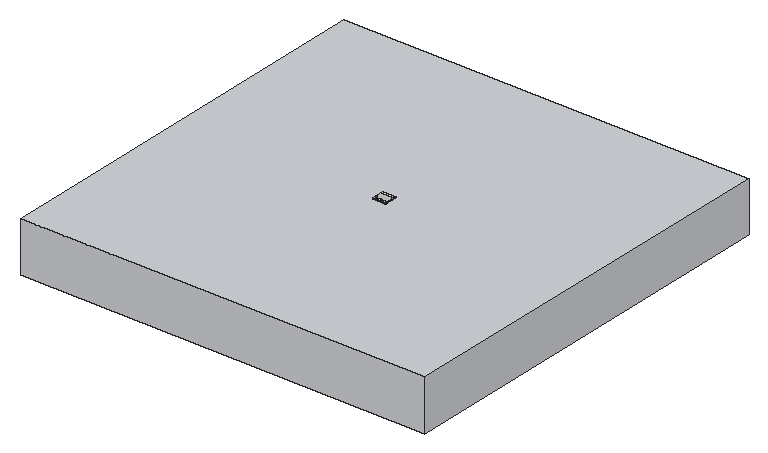
Revit family "TERRA LED", category Oprawy oświetleniowe, Revit 2014
Parameters (values of type "TERRA LED WW")
  built-in parameter 1150105 = 153.49 (stored number, unit not read)
  Dimming Lamp Color Temperature Shift = (empty or 0)
  built-in parameter 1150139 = (empty or 0)
  Współczynnik mocy = 1
  Waga = 0.084 kg  # constant formula
  built-in parameter 1150133 = 10 (stored number, unit not read)
  built-in parameter 1150109 = 1 (stored number, unit not read)
  built-in parameter 1114218 = 1 (stored number, unit not read)
  built-in parameter 1150110 = 1 (stored number, unit not read)
  built-in parameter 1150112 = 1 (stored number, unit not read)
  built-in parameter 1150113 = 1 (stored number, unit not read)
  URL = "www.kanlux.pl"
  Lumens = 13 lm
  built-in parameter 1150104 = 1.5097 (stored number, unit not read)
  Producent = "Kanlux"  # constant formula
  built-in parameter 1150107 = 3000 (stored number, unit not read)
  Plik sieci fotometrycznej = "TERRA LED.ies"
  Tilt Angle = 180.00°  # constant formula
  built-in parameter 1150115 = 1 (stored number, unit not read)
  Apparent Load = Moc / Współczynnik mocy  # 0.8 VA
  built-in parameter 1150106 = 1.5349 (stored number, unit not read)
  Model = "TERRA LED"  # constant formula
  Moc w watach - komentarze = "0.8"
  Wattage = 0.8 W
  Moc = 0.8 W
  built-in parameter 1150137 = (empty or 0)
  built-in parameter 1150132 = 2
  Materiał obudowa 2 = Kanlux - stal nierdzewna szczotkowana
  Materiał obudowa = Kanlux - tworzywo sztuczne
  Lampa = "LED"
  built-in parameter 1150134 = (empty or 0)
  built-in parameter 1150138 = (empty or 0)
  Kod = "23102"
  Klasyfikacja obciążenia = Oświetlenie
  built-in parameter 1150102 = (empty or 0)
  IP = "IP20"  # constant formula
  Color Filter = 16777215
  Default Elevation = 0 mm
  built-in parameter 1150114 = 1 (stored number, unit not read)
  built-in parameter 1114217 = 1 (stored number, unit not read)
  built-in parameter 1150142 = "IESNA91\r\n[TEST] 2015.08.27/Kanlux TERRA\r\n[MANUFAC]  KANLUX S.A.\r\n[LUMCAT] (kat 23104)\r\n[LUMINAIRE] TERRA LED\r\n[LAMP] 1x(TERRA LED CW 1W 15lm zimnobiała/6500K) or 1x(TERRA LED WW 1W 13lm ciepłobiała/3000K)\r\nTILT=NONE\r\n1 15 0.015 181 7 1 2 0.075 0.075 0.006\r\n1 1 1\r\n0 1 2 3 4 5 6 7 8 9 10 11 12 13 14 15 16 17 18 19 20 21 22 \r\n23 24 25 26 27 28 29 30 31 32 33 34 35 36 37 38 39 40 41 42 \r\n43 44 45 46 47 48 49 50 51 52 53 54 55 56 57 58 59 60 61 62 \r\n63 64 65 66 67 68 69 70 71 72 73 74 75 76 77 78 79 80 81 82 \r\n83 84 85 86 87 88 89 90 91 92 93 94 95 96 97 98 99 100 101 \r\n102 103 104 105 106 107 108 109 110 111 112 113 114 115 116 \r\n117 118 119 120 121 122 123 124 125 126 127 128 129 130 131 \r\n132 133 134 135 136 137 138 139 140 141 142 143 144 145 146 \r\n147 148 149 150 151 152 153 154 155 156 157 158 159 160 161 \r\n162 163 164 165 166 167 168 169 170 171 172 173 174 175 176 \r\n177 178 179 180 \r\n0 15 30 45 60 75 90 \r\n75.9 76.7 76.7 77.6 78.8 79.7 80.9 80.9 83 83.8 85.5 85.9 \r\n88 89.3 90.9 92.6 93.8 95.5 97.2 98.8 100.5 102.2 104.3 \r\n106.4 108.4 110.1 112.6 114.7 117.2 118.9 121.8 123.9 126.4 \r\n128 131 132.2 134.7 137.6 139.3 141 143.5 145.1 146.8 149.3 \r\n150.1 152.2 152.7 154.3 155.6 156.4 156.4 157.7 158.1 158.5 \r\n158.1 158.1 157.7 157.7 157.2 157.2 155.6 154.3 153.9 153.1 \r\n151.4 149.7 148.1 146.4 144.3 142.2 140.1 137.6 135.1 132.2 \r\n129.7 126.8 123.5 120.1 117.2 113.4 109.7 105.9 101.8 97.2 \r\n92.6 87.2 83 77.2 72.2 67.6 65.5 65.1 64.7 64.7 63.4 63 \r\n61.3 60.5 58.8 57.6 55.9 53.8 52.1 50.1 48.4 47.1 45 43.4 \r\n41.7 39.6 38 36.7 34.6 33.4 31.7 29.6 28.8 27.1 25.9 24.2 \r\n22.9 20.9 19.6 17.9 16.7 15 13.8 12.5 10.4 9.2 7.5 5.8 5 \r\n4.2 3.3 2.5 2.1 1.7 0.8 0.4 0 0 0 0 0 0 0 0 0 0 0 0 0 0 0 0 \r\n0 0 0 0 0 0 0 0 0 0 0 0 0 0 0 0 0 0 0 0 0 0 0 0 0 \r\n76.7 76.7 76.7 77.8 78.2 79.5 80.7 81.7 82.6 84 85.5 87 \r\n88.6 90.3 91.5 92.8 94.7 96.3 98.4 100.3 102 103.9 106.2 \r\n108.2 110.3 112.4 115.1 117.4 119.5 121.8 124.3 126.6 129.3 \r\n131.4 133.9 136.2 138.5 141 143.1 145.1 147.2 149.1 151.4 \r\n153.1 154.5 156.2 157.9 159.5 160.4 161.6 162.5 163.3 163.5 \r\n164.1 164.3 165 164.8 164.5 164.1 163.7 162.9 162.7 161.6 \r\n160.4 159.3 157.4 156.8 155.2 153.7 151.8 149.7 148.3 145.6 \r\n143.3 140.8 138.1 135.5 132.4 129.5 126 122 118.9 114.9 \r\n110.5 106.4 101.6 97.2 92.8 89 85.3 83 81.3 79 77.6 76.7 \r\n75.7 74 73 70.7 69.7 67.4 65.3 63.4 61.3 59 57.3 55.3 53.4 \r\n51.5 49.6 48 46.1 44.6 42.3 40.9 38.8 37.5 35.2 34 32.5 \r\n30.7 28.6 27.7 25.9 24 22.7 20.7 19.6 17.3 15.9 14.4 12.7 \r\n11.3 9.6 7.9 6.3 5.2 4 3.3 2.7 1.9 1 0.4 0 0 0 0 0 0 0 0 0 \r\n0 0 0 0 0 0 0 0 0 0 0 0 0 0 0 0 0 0 0 0 0 0 0 0 0 0 0 0 0 \r\n76.7 76.3 77 78.2 78.6 79.7 80.9 82 83.4 85.1 86.5 88 89.7 \r\n90.7 92.2 93.8 95.3 97.8 99.3 101.3 103.2 104.9 107 108.9 \r\n111.2 113.4 115.3 117.4 120.3 122 124.5 127 128.9 131.4 \r\n133.9 136.2 138.3 140.6 143.3 145.1 147.6 149.3 151.2 153.1 \r\n155.2 156.2 157.7 159.3 160.8 161.8 163.1 163.7 165.2 165.8 \r\n166.2 166 166.4 166.8 166.8 166.8 166.4 166.2 165.6 165 \r\n164.5 163.3 162.7 161.6 160.8 159.5 158.5 156.8 155.4 154.1 \r\n152.7 150.2 147.9 146 143.5 141 138.3 135.6 132.2 128.5 \r\n124.7 120.3 116.6 112.2 108.7 105.1 102.4 100.1 98.4 97 \r\n95.5 94.1 92.4 90.3 88.2 85.7 83.2 80.9 77.6 75.3 72.8 70.3 \r\n67.8 65.3 62.6 60.7 58.2 55.9 53.8 51.3 49.6 47.3 45 43.2 \r\n41.3 39.4 37.7 35.7 34 31.9 30 28.2 26.1 24.4 22.5 21.5 \r\n19.4 17.5 15.8 14 12.3 10.6 9.2 7.3 5.6 4.6 3.8 2.7 2.1 1 \r\n0.4 0 0 0 0 0 0 0 0 0 0 0 0 0 0 0 0 0 0 0 0 0 0 0 0 0 0 0 0 \r\n0 0 0 0 0 0 0 0 \r\n76.7 76.5 77.4 77.6 78.4 79.9 80.9 82.6 83.2 84.5 86.1 87 \r\n88.6 89.9 91.8 93 94.3 96.1 98 99.3 101.6 102.4 104.7 106.6 \r\n108 110.1 112.8 114.5 115.9 118 120.5 122.2 124.3 126.2 128 \r\n130.3 132.2 134.5 136.2 138.1 139.7 141.4 143.1 145.1 146.2 \r\n147.6 148.9 150.4 151.6 152.4 153.3 154.3 154.7 155.8 156 \r\n156.4 156.6 157 157 157.2 157 157 156.8 156.2 155.8 155.6 \r\n155.2 154.5 154.5 153.7 152.4 151.8 151 150.4 149.5 148.5 \r\n147.6 146.6 145.1 143.5 141.8 139.9 137.4 135.1 132.6 128.9 \r\n125.8 122 119.1 115.7 112.8 111.6 110.1 108.4 107.4 105.5 \r\n103.4 101.1 98.2 95.5 92.4 89.5 86.3 83.2 79.7 77 73.6 70.9 \r\n68.2 65.5 63.2 60.5 57.8 55.1 53.2 51.1 48.8 46.7 44.6 43 \r\n40.7 38.6 36.7 34.6 33 31.1 29.2 26.9 25 23.6 21.9 19.8 \r\n18.6 16.5 14.6 12.5 11.3 9 7.7 6 4.8 3.3 2.7 1.5 0.8 0.4 0 \r\n0 0 0 0 0 0 0 0 0 0 0 0 0 0 0 0 0 0 0 0 0 0 0 0 0 0 0 0 0 0 \r\n0 0 0 0 \r\n77.6 76.9 77.8 78.4 79.2 79.9 80.7 82 82.8 83.8 85.1 86.5 \r\n87.6 88.8 90.3 91.1 92.8 93.8 95.1 96.1 97.8 99.1 100.7 \r\n102.2 103.4 104.9 106.4 108.2 109.7 110.9 112.6 114.5 115.9 \r\n117.2 118.7 120.1 121.6 122.8 124.3 125.8 126.8 127.8 128.9 \r\n129.9 130.8 131.8 132.4 133.7 133.9 134.3 135.1 135.6 136.2 \r\n135.8 136 135.8 136 135.6 135.8 135.1 134.9 134.7 134.1 \r\n133.5 133.1 132.6 131.8 131.8 130.3 130.1 129.1 128.7 127.4 \r\n126.8 126.2 125.1 123.7 122.8 121.4 119.9 118.4 116.8 114.7 \r\n113 110.9 108.4 105.9 103 100.7 98.6 97.2 96.3 95.7 94.7 \r\n94.3 93 92.4 89.9 87.8 85.3 82.6 79.5 76.7 73.8 71.5 68.6 \r\n66.3 63.8 61.9 59.2 57.1 55.3 53 50.9 48.8 46.9 45.3 43.6 \r\n41.3 39.8 37.7 36.1 34.2 33 31.5 29 27.7 25.9 24 22.3 20.9 \r\n19 16.9 15.2 13.3 12.3 10.8 9 6.9 5.6 4.2 2.7 2.3 1.5 0.8 \r\n0.2 0 0 0 0 0 0 0 0 0 0 0 0 0 0 0 0 0 0 0 0 0 0 0 0 0 0 0 0 \r\n0 0 0 0 0 0 0 \r\n76.7 77.4 77.4 78.2 79 79.9 80.5 81.1 82.2 83 84.3 85.1 \r\n85.9 86.8 88 88.8 89.9 90.9 91.6 92.8 93.6 95.1 95.7 96.8 \r\n98 99.1 100.1 100.9 102.2 103 104.1 105.1 106.6 107 107.6 \r\n108.2 109.3 110.1 110.5 111.6 112 112.6 113.4 113.4 114.1 \r\n114.1 114.3 114.7 114.3 114.5 114.5 114.1 114.1 114.1 113.7 \r\n112.4 112.2 111.8 111.4 110.3 109.3 108.6 108 107.2 105.9 \r\n104.9 103.6 102.6 101.6 100.3 99.3 98.2 96.8 95.3 94.5 92.8 \r\n91.3 89.5 88 86.1 84 82.4 80.3 78.2 75.9 73.8 71.3 68.8 \r\n66.7 64.9 63.6 63.2 63.2 62.8 63 62.6 62.4 61.3 60.3 59 \r\n57.3 56.1 54.6 53 51.9 50.3 48.8 47.8 46.5 44.6 43.6 42.3 \r\n41.1 39.8 38.4 36.7 35.2 34.2 32.5 31.3 30.2 28.6 27.7 25.9 \r\n24.4 23.4 21.7 20.2 19 17.1 15.9 14.4 13.1 11.5 10 7.9 7.3 \r\n5.2 4 3.1 1.7 1 0.6 0 0 0 0 0 0 0 0 0 0 0 0 0 0 0 0 0 0 0 0 \r\n0 0 0 0 0 0 0 0 0 0 0 0 0 0 0 0 0 0 \r\n77.6 77.6 78 78.4 79.3 80.1 80.9 81.8 82.2 83 83.8 85.1 \r\n85.1 86.3 87.2 87.6 88.4 89.7 90.5 90.9 91.8 93 93.4 93.8 \r\n94.7 95.1 96.3 96.3 97.6 97.6 98.4 99.3 100.1 100.9 100.9 \r\n101.8 102.6 102.2 103 103 104.3 103.9 103.4 103.9 103.4 \r\n103.9 103.4 103.4 103 102.6 102.6 101.3 101.3 100.5 100.1 \r\n99.3 98.4 97.2 96.3 94.7 95.1 92.6 91.8 90.5 88.8 87.6 86.3 \r\n84.3 83.4 82.2 80.5 78.8 76.3 74.7 73 70.9 68.4 66.7 64.2 \r\n61.7 59.6 57.1 54.2 50.9 49.2 45.9 43 40.5 37.5 35.9 34.2 \r\n33 33 33.4 33.4 33.8 34.6 33.8 34.2 34.2 34.2 34.2 33.8 \r\n33.8 33.4 33.4 33 33.4 32.5 31.7 31.3 30.9 30 28.8 27.9 \r\n27.1 25.9 25 23.8 22.9 22.5 20.9 20 18.8 17.5 16.3 15.4 \r\n14.2 12.9 11.7 10 9.6 7.9 6.7 5 3.3 2.5 1.7 0.8 0.4 0 0 0 0 \r\n0 0 0 0 0 0 0 0 0 0 0 0 0 0 0 0 0 0 0 0 0 0 0 0 0 0 0 0 0 0 \r\n0 0 0 0 0 0 0 \r\n"
Types (3, lengths in mm): name | built-in parameter 1150105 | Lumens | built-in parameter 1150104 | built-in parameter 1150107 | built-in parameter 1150106 | built-in parameter 1150134 | Kod
  (no name) | 153.49 (stored number, unit not read) | 13 lm | 1.5097 (stored number, unit not read) | 3000 (stored number, unit not read) | 1.5349 (stored number, unit not read) | (empty or 0) | "23102"
  TERRA LED WW | 153.49 (stored number, unit not read) | 13 lm | 1.5097 (stored number, unit not read) | 3000 (stored number, unit not read) | 1.5349 (stored number, unit not read) | (empty or 0) | "23102"
  TERRA LED CW | 177.1 (stored number, unit not read) | 15 lm | 1.7419 (stored number, unit not read) | 6500 (stored number, unit not read) | 1.771 (stored number, unit not read) | 1 | "23104"
Reference planes
  plane 1 "Środek (Przód/Tył)": y = 0
  plane 2: z = 0
  plane 3 "Środek (Lewa/Prawa)": x = 0
Forms (mm)
  Extrusion 1, solid
    sketch origin (0, 0, 0) x (1, 0, 0) y (0, 1, 0)
      loop
        line (-1219.2, 1219.2) -> (-1219.2, -1219.2) -> (1219.2, -1219.2) -> (1219.2, 1219.2) -> (-1219.2, 1219.2)
    from 0 to -304.8
  Extrusion 2, solid, material "Kanlux - tworzywo sztuczne" <- "Materiał obudowa"
    sketch origin (0, 0, 0) x (1, 0, 0) y (0, 1, 0)
      loop
        line (-37.5, -37.5) -> (37.5, -37.5) -> (37.5, 37.5) -> (-37.5, 37.5) -> (-37.5, -37.5)
    from 1 to 6
  Extrusion 3, solid, material "Kanlux - stal nierdzewna szczotkowana" <- "Materiał obudowa 2"
    sketch origin (0, 0, 0) x (1, 0, 0) y (0, 1, 0)
      loop
        line (-37.5, 19.5) -> (-37.5, -19.5) -> (37.5, -19.5) -> (37.5, 19.5) -> (-37.5, 19.5)
    from 6 to 7
  Extrusion 4, solid, material "Kanlux - stal nierdzewna szczotkowana" <- "Materiał obudowa 2"
    sketch origin (0, 0, 0) x (1, 0, 0) y (0, 1, 0)
      loop
        line (-37.5, -37.5) -> (37.5, -37.5) -> (37.5, 37.5) -> (-37.5, 37.5) -> (-37.5, -37.5)
    from 0 to 1
Dimensions and locks
  aligned and locked: plane 2 to Extrusion 1
  aligned and locked: level to Extrusion 1
Connectors
  electrical at (0, 0, 0), driven by "Klasyfikacja obciążenia", driven by "Apparent Load", driven by "Współczynnik mocy"
    settings: on Extrusion 1, index 1, voltage 24 V, apparent load 0.8 VA, apparent load phase1 0 VA, apparent load phase2 0 VA, apparent load phase3 0 VA, power factor 1, load classification "Oświetlenie", number of poles 1, system type 30, power factor state 1, is connector primary yes, connector utility no, sub classification motor no, connector description ""
